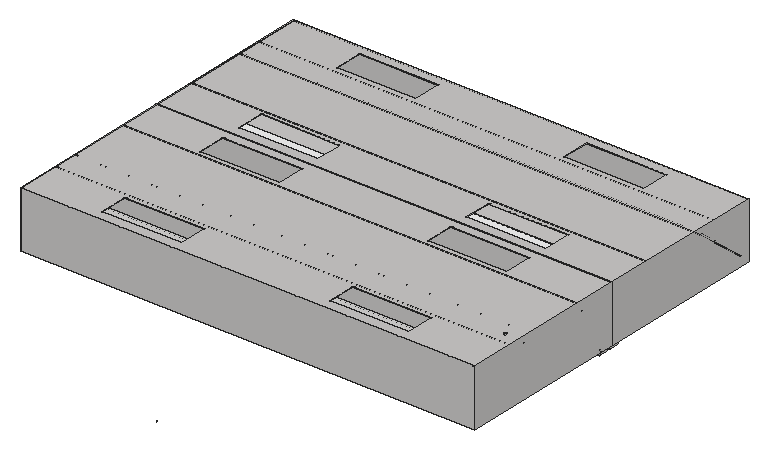
Revit family "QF_ELECTROLUXPROFESSIONAL_641398_STCF3040", category Specialty Equipment, Revit 2014
Reference planes
  plane 1 "Center (Front/Back)": y = 0
  plane 2: z = 0
  plane 3 "Center (Left/Right)": x = 600
  plane 4 "LEFT": x = -1400
  plane 5 "RIGHT": x = 2600
  plane 6 "BACK": y = 1500
  plane 7 "FRONT": y = -1500
  plane 8 "Base": z = 2000
  plane 9 "EIx": x = 2480
  plane 10 "Top": z = 2500
  plane 11 "BaseHood": z = 2000
  plane 12: y = -1020
Forms (mm)
  Extrusion 1, solid, material "QF_Finishes_Stainless Steel"
    sketch origin (0, -1020, 2500) x (0, 1, 0) y (-1, 0, 0)
      loop
        circle (0, -2480) r 10
    from 0 to 1.6
Dimensions and locks
  equal spacing: plane 6 "BACK", plane 1 "Center (Front/Back)", plane 7 "FRONT"
  plane 6 "BACK" to plane 7 "FRONT" = 3000.0 mm  (x2)
  locked: plane 9 "EIx" to plane 5 "RIGHT" at 120
  plane 11 "BaseHood" to level = 2000.0 mm
  plane 10 "Top" to plane 11 "BaseHood" = 500.0 mm
  equal spacing: plane 4 "LEFT", plane 3 "Center (Left/Right)", plane 5 "RIGHT"
  plane 4 "LEFT" to plane 5 "RIGHT" = 4000.0 mm
  plane 12 to plane 7 "FRONT" = 480.0 mm
  aligned and locked: level to plane 2
Automatic sketch dimensions
  plane 1 "Center (Front/Back)" to Extrusion 1 sketch curve = 1020.0 mm
  Extrusion 1 sketch curve to plane 9 "EIx" = 0.0 mm
  radius of Extrusion 1 sketch curve = 10.0 mm
Nested families
  nested 1: "QF_ELECTROLUXPROFESSIONAL_641264" at (450, -550, 0), type "QF_ELECTROLUXPROFESSIONAL_641264"
  nested 2: "QF_ELECTROLUXPROFESSIONAL_641264" at (450, 550, 0), type "QF_ELECTROLUXPROFESSIONAL_641264"
Connectors
  hvac at (-400, -1289, 2505)
    settings: on nested 1, index 1, duct flow 0.0 L/s, flow factor 0, pres drop 0.0 Pa, loss coef 0, conn angle 0.00°, conn width 250 mm, conn height 700 mm, conn diameter 609.6 mm, duct sys type 1, conn prof type 1, flow config 1, flow direction 1, loss method 0, conn ref index -1, conn util no, is conn primary yes, conn desc "AIR INLET"
  hvac at (-400, 1289, 2505)
    settings: on nested 2, index 4, duct flow 0.0 L/s, flow factor 0, pres drop 0.0 Pa, loss coef 0, conn angle 0.00°, conn width 700 mm, conn height 250 mm, conn diameter 609.6 mm, duct sys type 1, conn prof type 1, flow config 1, flow direction 1, loss method 0, conn ref index -1, conn util no, is conn primary no, conn desc "AIR INLET"
  hvac at (1600, 1289, 2505)
    settings: on nested 2, index 5, duct flow 0.0 L/s, flow factor 0, pres drop 0.0 Pa, loss coef 0, conn angle 0.00°, conn width 700 mm, conn height 250 mm, conn diameter 609.6 mm, duct sys type 1, conn prof type 1, flow config 1, flow direction 1, loss method 0, conn ref index -1, conn util no, is conn primary no, conn desc "AIR INLET"
  hvac at (1600, -1289, 2505)
    settings: on nested 1, index 8, duct flow 0.0 L/s, flow factor 0, pres drop 0.0 Pa, loss coef 0, conn angle 0.00°, conn width 250 mm, conn height 700 mm, conn diameter 609.6 mm, duct sys type 1, conn prof type 1, flow config 1, flow direction 1, loss method 0, conn ref index -1, conn util no, is conn primary no, conn desc "AIR INLET"
  piping at (2480, 60, 1970), diameter 9.5
    settings: on nested 2, index 9, connector inside diameter 609.6 mm, connector length 0.0 mm, flow factor 0, pipe flow 0.0 L/s, pressure drop 0.0 Pa, fitting loss kfactor 0, connector angle 0.00°, fixture units 0, engagement length 0.0 mm, angle of deflection 0.00°, flow configuration 1, flow direction 2, fitting loss method 0, system type 16, joint type 0, gender type 0, connector reference index -1, connector utility 0, adjustable connector no, is connector primary yes, connector description "Drain"
  piping at (2480, -60, 1970), diameter 9.5
    settings: on nested 1, index 10, connector inside diameter 609.6 mm, connector length 0.0 mm, flow factor 0, pipe flow 0.0 L/s, pressure drop 0.0 Pa, fitting loss kfactor 0, connector angle 0.00°, fixture units 0, engagement length 0.0 mm, angle of deflection 0.00°, flow configuration 1, flow direction 2, fitting loss method 0, system type 16, joint type 0, gender type 0, connector reference index -1, connector utility 0, adjustable connector no, is connector primary no, connector description "Drain"
  electrical at (2480, -1020, 2501.6)
    settings: on Extrusion 1, index 11, voltage 0 V, apparent load 0 VA, apparent load phase1 0 VA, apparent load phase2 0 VA, apparent load phase3 0 VA, power factor 1, load classification "Other", number of poles 1, system type 30, power factor state 1, is connector primary yes, connector utility no, sub classification motor no, connector description "Electrical Connection"
  hvac at (-400, 211, 2500)
    settings: on nested 2, index 12, duct flow 0.0 L/s, flow factor 0, pres drop 0.0 Pa, loss coef 0, conn angle 0.00°, conn width 250 mm, conn height 700 mm, conn diameter 609.6 mm, duct sys type 3, conn prof type 1, flow config 0, flow direction 2, loss method 0, conn ref index -1, conn util no, is conn primary no, conn desc "EXHAUST OUTLET"
  hvac at (-400, -211, 2500)
    settings: on nested 1, index 13, duct flow 0.0 L/s, flow factor 0, pres drop 0.0 Pa, loss coef 0, conn angle 0.00°, conn width 700 mm, conn height 250 mm, conn diameter 609.6 mm, duct sys type 3, conn prof type 1, flow config 0, flow direction 2, loss method 0, conn ref index -1, conn util no, is conn primary no, conn desc "EXHAUST OUTLET"
  hvac at (1600, 211, 2500)
    settings: on nested 2, index 14, duct flow 0.0 L/s, flow factor 0, pres drop 0.0 Pa, loss coef 0, conn angle 0.00°, conn width 250 mm, conn height 700 mm, conn diameter 609.6 mm, duct sys type 3, conn prof type 1, flow config 0, flow direction 2, loss method 0, conn ref index -1, conn util no, is conn primary no, conn desc "EXHAUST OUTLET"
  hvac at (1600, -211, 2500)
    settings: on nested 1, index 15, duct flow 0.0 L/s, flow factor 0, pres drop 0.0 Pa, loss coef 0, conn angle 0.00°, conn width 700 mm, conn height 250 mm, conn diameter 609.6 mm, duct sys type 3, conn prof type 1, flow config 1, flow direction 2, loss method 0, conn ref index -1, conn util no, is conn primary no, conn desc "EXHAUST OUTLET"
Definition of nested family "QF_ELECTROLUXPROFESSIONAL_641264"
  Reference planes
    plane 1: z = 0
    plane 2 "Center (Left/Right)": x = 150
    plane 3 "LEFT": x = -1850
    plane 4 "RIGHT": x = 2150
    plane 5 "BACK": y = 550
    plane 6 "TOP": z = 2500
    plane 7 "Base": z = 2000
    plane 8: z = 1955
    plane 9 "DrainY": y = 490
    plane 10: x = -1847
    plane 11 "DrainX": x = 2030
    plane 12 "AOLeft2": x = -500
    plane 13 "AORight1": x = 800
    plane 14: x = 2147
    plane 15: x = -1650
    plane 16: x = 1950
    plane 17 "Center (Front/Back)": y = -200
    plane 18 "Front": y = -950
    plane 19 "AOLeft1": x = -1200
    plane 20 "AORight2": x = 1500
    plane 21: y = -864
    plane 22: y = -614
    plane 23 "EI_y": y = -470
    plane 24 "EIx": x = 2030
    plane 25: y = 464
    plane 26: y = 214
  Forms (mm)
    Extrusion 1, solid, material "QF_Finishes_Stainless Steel"
      sketch origin (-1850, 0, 360) x (0, 1, 0) y (0, 0, 1)
        loop
          line (550, 1640) -> (550, 2140) -> (-950, 2140) -> (-950, 1640) -> (550, 1640)
      from 0 to 3
    Extrusion 2, solid, material "QF_Finishes_Stainless Steel"
      sketch origin (2150, 0, 360) x (0, 1, 0) y (0, 0, 1)
        loop
          line (550, 1640) -> (550, 2140) -> (-950, 2140) -> (-950, 1640) -> (550, 1640)
      from 0 to -3
    Extrusion 3, solid, material "QF_Finishes_Stainless Steel"
      sketch origin (150, 0, 360) x (0, 1, 0) y (0, 0, 1)
        loop
          line (-950, 2140) -> (-950, 1640) -> (-940, 1640) -> (-940, 1640.8) -> (-949.2, 1640.8) -> (-949.2, 2139.19) -> (549.2, 2139.19) -> (549.2, 1640.8) -> (540, 1640.8) -> (540, 1640) -> (550, 1640) -> (550, 2140) -> (-950, 2140)
      from -2000 to 2000
    Extrusion 4, solid, material "QF_Finishes_Stainless Steel"
      sketch origin (0, 0, 2000) x (0, 1, 0) y (-1, 0, 0)
        loop
          circle (490, -2030) r 4.763
      from -30 to 0
    Extrusion 5, void
      sketch origin (0, 0, 2500) x (0, 1, 0) y (-1, 0, 0)
        loop
          line (-614, 500) -> (-614, 1200) -> (-864, 1200) -> (-864, 500) -> (-614, 500)
      from 0 to -10
    Extrusion 6, solid, material "QF_Finishes_Stainless Steel"
      sketch origin (0, 0, 0) x (1, 0, 0) y (0, 1, 0)
        loop
          line (-1850, 550) -> (-1850, 549) -> (-1849, 549) -> (-1849, 550) -> (-1850, 550)
      from 0 to 1
    Extrusion 7, solid, material "QF_LAMPS"
      sketch origin (150, 0, 360) x (0, 1, 0) y (0, 0, 1)
        loop
          line (-572.823, 1962.324) -> (-418.948, 2086.929) -> (-427.129, 2097.032) -> (-581.003, 1972.426) -> (-572.823, 1962.324)
      from 1997 to -1997
    Sweep 8, solid, material "QF_Finishes_Stainless Steel"
      path origin (0, 0, 0) x (1, 0, 0) y (0, 1, 0)
        loop
          line (2150, 550) -> (-1850, 550) -> (-1850, -950) -> (2150, -950) -> (2150, 550)
      profile origin (2150, -200, 0) x (1, 0, 0) y (0, 0, 1)
        loop
          line (-3, 2000) -> (-3, 2000.8) -> (-19, 2000.8) -> (-19, 2010) -> (-20, 2010) -> (-20, 2000) -> (-3, 2000)
    Extrusion 9, solid, material "QF_Finishes_Stainless Steel"
      sketch origin (150, 0, 0) x (0, 1, 0) y (0, 0, 1)
        loop
          line (414.66, 2095.469) -> (440.643, 2110.471) -> (261.744, 2411.771) -> (235.948, 2396.455) -> (414.66, 2095.469)
      from -1997 to -1800
    Extrusion 10, void
      sketch origin (1134.605, 0, 2500) x (0, 1, 0) y (-1, 0, 0)
        loop
          line (-614, -365.395) -> (-614, 334.605) -> (-864, 334.605) -> (-864, -365.395) -> (-614, -365.395)
      from 0 to -10
    Extrusion 11, solid, material "QF_Finishes_Stainless Steel"
      sketch origin (2030, 0, 0) x (0, 1, 0) y (0, 0, 1)
        loop
          line (539, 2000) -> (441, 2000) -> (441, 1989) -> (448.5, 1989) -> (448.5, 1965)
          arc (448.5, 1965) -> (451.429, 1957.929) -> (458.5, 1955) r 10
          line (458.5, 1955) -> (521.5, 1955)
          arc (521.5, 1955) -> (528.571, 1957.929) -> (531.5, 1965) r 10
          line (531.5, 1965) -> (531.5, 1989) -> (539, 1989) -> (539, 2000)
      from 90 to -90
    Extrusion 12, solid, material "QF_Finishes_Stainless Steel"
      sketch origin (150, 0, 0) x (0, 1, 0) y (0, 0, 1)
        loop
          line (414.66, 2095.469) -> (440.643, 2110.471) -> (261.744, 2411.771) -> (235.948, 2396.455) -> (414.66, 2095.469)
      from 1800 to 1997
    Extrusion 13, solid, material "QF_Finished_Chrome"
      sketch origin (150, 0, 0) x (0, 1, 0) y (0, 0, 1)
        loop
          line (414.66, 2095.469) -> (440.643, 2110.471) -> (261.744, 2411.771) -> (235.948, 2396.455) -> (414.66, 2095.469)
      from -1800 to 1800
    Extrusion 14, void
      sketch origin (0, 1180, 2500) x (0, 1, 0) y (-1, 0, 0)
        loop
          line (-716, 500) -> (-716, 1200) -> (-966, 1200) -> (-966, 500) -> (-716, 500)
      from 0 to -10
    Extrusion 15, void
      sketch origin (1600, 1180, 2500) x (0, 1, 0) y (-1, 0, 0)
        loop
          line (-716, 100) -> (-716, 800) -> (-966, 800) -> (-966, 100) -> (-716, 100)
      from 0 to -10
    Extrusion 16, solid, material "QF_Finishes_Stainless Steel"
      sketch origin (150, 0, 360) x (0, 1, 0) y (0, 0, 1)
        loop
          line (430.005, 1640) -> (540, 1640) -> (540, 1640.8) -> (430.467, 1640.8) -> (371.906, 1742.23) -> (414.858, 1734.657) -> (442.266, 1750.481) -> (442.266, 1765.943) -> (441.466, 1765.943) -> (441.466, 1750.943) -> (414.709, 1735.495) -> (321.153, 1751.991) -> (320.875, 1750.416) -> (371.4, 1741.507) -> (430.005, 1640)
        loop
          line (172.529, 2139.19) -> (242.893, 2017.316) -> (245.133, 2018.715) -> (240.13, 2027.381) -> (238.569, 2026.405) -> (173.453, 2139.19) -> (172.529, 2139.19)
      from -1997 to 1997
    Extrusion 17, solid, material "QF_Finishes_Stainless Steel"
      sketch origin (150, 200.8, 360) x (0, 1, 0) y (0, 0, 1)
        loop
          line (-1150, 2139.19) -> (-1150, 1640) -> (-1086.602, 1640) -> (-999.146, 1690.493) -> (-1010.058, 1709.394) -> (-1066.564, 1676.77) -> (-1114.704, 1680.982) -> (-1149.2, 1730.248) -> (-1149.2, 2139.19) -> (-1150, 2139.19)
        loop
          line (-773.6, 1961.694) -> (-781.937, 1971.99) -> (-769.095, 1982.182) -> (-769.095, 2139.19) -> (-769.895, 2139.19) -> (-769.895, 1982.569) -> (-1082.298, 1734.63) -> (-1071.091, 1720.79) -> (-773.6, 1961.694)
        loop
          line (-627.61, 2099.216) -> (-618.171, 2087.559) -> (-554.411, 2139.19) -> (-555.682, 2139.19) -> (-618.052, 2088.684) -> (-626.989, 2099.719) -> (-627.61, 2099.216)
      from -1997 to 1997
  Cuts and joins
    Extrusion 5, Extrusion 10, Extrusion 14, Extrusion 15 cuts Extrusion 3
    joined: Extrusion 2, Extrusion 3, Sweep 8
  Lines and regions (mm)
    symbolic lines, style "SpecialityEquipment", detail levels coarse
      curve 1: line (2150, 550, 2500) -> (-1850, 550, 2500)
      curve 2: line (-1850, 550, 2500) -> (-1850, -950, 2500)
      curve 3: line (2150, -950, 2500) -> (2150, 550, 2500)
      curve 4: line (-1850, 550, 0) -> (2150, -950, 0)
      curve 5: line (2150, 550, 0) -> (-1850, -950, 0)
      curve 6: line (-1850, -950, 0) -> (2150, -950, 0)
    symbolic lines, detail levels coarse
      curve 7: line (-1200, 214, 2500) -> (-500, 214, 2500)
      curve 8: line (-1200, 464, 2500) -> (-1200, 214, 2500)
      curve 9: line (-500, 464, 2500) -> (-1200, 464, 2500)
      curve 10: line (-500, 214, 2500) -> (-500, 464, 2500)
      curve 11: line (800, 464, 2500) -> (800, 214, 2500)
      curve 12: line (1500, 464, 2500) -> (800, 464, 2500)
      curve 13: line (800, 214, 2500) -> (1500, 214, 2500)
      curve 14: line (1500, 214, 2500) -> (1500, 464, 2500)
    symbolic lines
      curve 15: line (-1200, -614, 0) -> (-500, -614, 0)
      curve 16: line (-1200, -864, 0) -> (-1200, -614, 0)
      curve 17: line (-500, -864, 0) -> (-1200, -864, 0)
      curve 18: line (-500, -614, 0) -> (-500, -864, 0)
      curve 19: line (800, -614, 0) -> (1500, -614, 0)
      curve 20: line (800, -864, 0) -> (800, -614, 0)
      curve 21: line (1500, -864, 0) -> (800, -864, 0)
      curve 22: line (1500, -614, 0) -> (1500, -864, 0)
  Dimensions and locks
    plane 3 "LEFT" to plane 4 "RIGHT" = 4000.0 mm
    equal spacing: plane 3 "LEFT", plane 2 "Center (Left/Right)", plane 4 "RIGHT"
    plane 7 "Base" to plane 8 = 45.0 mm
    plane 5 "BACK" to plane 9 "DrainY" = 60.0 mm  (x2)
    plane 3 "LEFT" to plane 10 = 3.0 mm
    plane 11 "DrainX" to plane 4 "RIGHT" = 120.0 mm
    plane 14 to plane 4 "RIGHT" = 3.0 mm
    plane 3 "LEFT" to plane 15 = 200.0 mm
    plane 16 to plane 4 "RIGHT" = 200.0 mm
    locked: plane 12 "AOLeft2" to plane 13 "AORight1" at 1300
    equal spacing: plane 12 "AOLeft2", plane 2 "Center (Left/Right)", plane 13 "AORight1"
    locked: plane 7 "Base" to level at 2000
    locked: plane 6 "TOP" to plane 7 "Base" at 500
    locked: plane 19 "AOLeft1" to plane 12 "AOLeft2" at 700
    locked: plane 13 "AORight1" to plane 20 "AORight2" at 700
    locked: plane 22 to plane 21 at 250
    locked: plane 21 to plane 18 "Front" at 86
    locked: plane 23 "EI_y" to plane 18 "Front" at 480
    locked: plane 24 "EIx" to plane 4 "RIGHT" at 120
    locked: plane 5 "BACK" to plane 18 "Front" at 1500
    plane 5 "BACK" to plane 18 "Front" = 1500.0 mm
    equal spacing: plane 5 "BACK", plane 17 "Center (Front/Back)", plane 18 "Front"
    locked: plane 26 to plane 25 at 250
    plane 5 "BACK" to plane 25 = 86.0 mm
    aligned and locked: level to plane 1
    aligned and locked: plane 4 "RIGHT" to Extrusion 3
    aligned and locked: Extrusion 3 to plane 3 "LEFT"
    aligned and locked: Extrusion 2 to plane 14
    aligned and locked: Extrusion 9 to plane 10
    aligned and locked: Extrusion 5 to plane 19 "AOLeft1"
    aligned and locked: Extrusion 5 to plane 12 "AOLeft2"
    aligned and locked: plane 20 "AORight2" to Extrusion 10
    aligned and locked: plane 13 "AORight1" to Extrusion 10
    aligned and locked: plane 15 to Extrusion 9
    aligned and locked: plane 16 to Extrusion 12
    aligned and locked: plane 14 to Extrusion 12
    aligned and locked: Extrusion 13 to plane 15
    aligned and locked: Extrusion 13 to plane 16
    aligned and locked: plane 14 to Extrusion 7
    aligned and locked: Extrusion 7 to plane 10
    aligned and locked: plane 13 "AORight1" to Extrusion 15
    aligned and locked: plane 20 "AORight2" to Extrusion 15
    aligned and locked: Extrusion 14 to plane 19 "AOLeft1"
    aligned and locked: Extrusion 14 to plane 12 "AOLeft2"
    aligned and locked: Extrusion 16 to plane 10
    aligned and locked: plane 14 to Extrusion 16
    aligned and locked: Extrusion 5 to plane 21
    aligned and locked: plane 22 to Extrusion 5
    aligned and locked: Extrusion 10 to plane 21
    aligned and locked: Extrusion 17 to plane 10
    aligned and locked: plane 14 to Extrusion 17
    aligned and locked: cut or joined group of Extrusion 2, Extrusion 3, Extrusion 5, Sweep 8, Extrusion 10, Extrusion 14, Extrusion 15 to plane 25  (x2)
    aligned and locked: curve 9 to plane 25
    aligned and locked: curve 12 to plane 25
    aligned and locked: plane 26 to cut or joined group of Extrusion 2, Extrusion 3, Extrusion 5, Sweep 8, Extrusion 10, Extrusion 14, Extrusion 15  (x2)
    aligned and locked: plane 26 to curve 13
    aligned and locked: plane 26 to curve 7
  Automatic sketch dimensions
    Extrusion 4 sketch curve to plane 9 "DrainY" = 0.0 mm
    Extrusion 4 sketch curve to plane 11 "DrainX" = 0.0 mm
    Extrusion 9 sketch curve to plane 9 "DrainY" = 75.34 mm
    Extrusion 9 sketch curve to Extrusion 9 sketch curve = 25.983 mm
    plane 7 "Base" to Extrusion 9 sketch curve = 95.469 mm
    Extrusion 9 sketch curve to Extrusion 9 sketch curve = 15.001 mm
    Extrusion 9 sketch curve to plane 6 "TOP" = 103.545 mm
    Extrusion 9 sketch curve to Extrusion 9 sketch curve = 15.316 mm
    Extrusion 12 sketch curve to plane 9 "DrainY" = 75.34 mm
    Extrusion 12 sketch curve to Extrusion 12 sketch curve = 25.983 mm
    plane 7 "Base" to Extrusion 12 sketch curve = 95.469 mm
    Extrusion 12 sketch curve to Extrusion 12 sketch curve = 15.001 mm
    Extrusion 12 sketch curve to plane 6 "TOP" = 103.545 mm
    Extrusion 12 sketch curve to Extrusion 12 sketch curve = 15.316 mm
    Extrusion 13 sketch curve to plane 9 "DrainY" = 75.34 mm
    Extrusion 13 sketch curve to Extrusion 13 sketch curve = 25.983 mm
    plane 7 "Base" to Extrusion 13 sketch curve = 95.469 mm
    Extrusion 13 sketch curve to Extrusion 13 sketch curve = 15.001 mm
    Extrusion 13 sketch curve to plane 6 "TOP" = 103.545 mm
    Extrusion 13 sketch curve to Extrusion 13 sketch curve = 15.316 mm
    Extrusion 16 sketch curve to plane 7 "Base" = 0.0 mm
    Extrusion 16 sketch curve to plane 6 "TOP" = 0.81 mm
    Extrusion 16 sketch curve to Extrusion 16 sketch curve = 0.924 mm
    Extrusion 16 sketch curve to Extrusion 16 sketch curve = 2.24 mm
    Extrusion 16 sketch curve to Extrusion 16 sketch curve = 0.278 mm
    Extrusion 16 sketch curve to Extrusion 16 sketch curve = 50.525 mm
    Extrusion 16 sketch curve to Extrusion 16 sketch curve = 0.506 mm
    Extrusion 16 sketch curve to Extrusion 16 sketch curve = 42.803 mm
    Extrusion 16 sketch curve to Extrusion 16 sketch curve = 0.148 mm
    Extrusion 16 sketch curve to plane 9 "DrainY" = 59.995 mm
    plane 7 "Base" to Extrusion 16 sketch curve = 0.8 mm
    Extrusion 16 sketch curve to Extrusion 16 sketch curve = 0.462 mm  (x2)
    Extrusion 16 sketch curve to Extrusion 16 sketch curve = 109.533 mm
    Extrusion 16 sketch curve to Extrusion 16 sketch curve = 26.757 mm
    Extrusion 16 sketch curve to Extrusion 16 sketch curve = 0.8 mm
    plane 7 "Base" to Extrusion 16 sketch curve = 94.657 mm
    Extrusion 16 sketch curve to Extrusion 16 sketch curve = 0.838 mm
    Extrusion 16 sketch curve to Extrusion 16 sketch curve = 6.012 mm
    Extrusion 16 sketch curve to Extrusion 16 sketch curve = 0.723 mm
    Extrusion 16 sketch curve to Extrusion 16 sketch curve = 14.986 mm
    Extrusion 16 sketch curve to Extrusion 16 sketch curve = 15.0 mm
    Extrusion 16 sketch curve to plane 6 "TOP" = 122.684 mm
    Extrusion 16 sketch curve to Extrusion 16 sketch curve = 1.399 mm
    Extrusion 16 sketch curve to Extrusion 16 sketch curve = 9.089 mm
    Extrusion 16 sketch curve to Extrusion 16 sketch curve = 0.975 mm
    Extrusion 9 sketch curve to plane 9 "DrainY" = 228.256 mm
    Extrusion 9 sketch curve to Extrusion 9 sketch curve = 25.795 mm
    Extrusion 12 sketch curve to plane 9 "DrainY" = 228.256 mm
    Extrusion 12 sketch curve to Extrusion 12 sketch curve = 25.795 mm
    Extrusion 13 sketch curve to plane 9 "DrainY" = 228.256 mm
    Extrusion 13 sketch curve to Extrusion 13 sketch curve = 25.795 mm
    Extrusion 16 sketch curve to plane 9 "DrainY" = 75.142 mm
    Extrusion 16 sketch curve to plane 9 "DrainY" = 244.867 mm
    Extrusion 16 sketch curve to Extrusion 16 sketch curve = 5.003 mm
    Extrusion 16 sketch curve to Extrusion 16 sketch curve = 1.561 mm
    Extrusion 16 sketch curve to Extrusion 16 sketch curve = 66.677 mm
    curve 6 to plane 3 "LEFT" = 0.0 mm
    curve 4 to plane 3 "LEFT" = 0.0 mm
    curve 16 to plane 19 "AOLeft1" = 0.0 mm
    curve 18 to plane 12 "AOLeft2" = 0.0 mm
    curve 20 to plane 13 "AORight1" = 0.0 mm
    curve 22 to plane 20 "AORight2" = 0.0 mm
    curve 6 to plane 4 "RIGHT" = 0.0 mm
    curve 5 to plane 4 "RIGHT" = 0.0 mm
    curve 4 to plane 18 "Front" = 0.0 mm
    curve 21 to plane 21 = 0.0 mm
    curve 17 to plane 21 = 0.0 mm
    curve 18 to plane 22 = 0.0 mm
    curve 19 to plane 22 = 0.0 mm
    curve 4 to plane 5 "BACK" = 0.0 mm
    curve 5 to plane 5 "BACK" = 0.0 mm
    curve 2 to plane 3 "LEFT" = 0.0 mm
    curve 2 to plane 18 "Front" = 0.0 mm
    curve 3 to plane 4 "RIGHT" = 0.0 mm
    curve 3 to plane 18 "Front" = 0.0 mm
    curve 13 to plane 20 "AORight2" = 0.0 mm
    curve 11 to plane 13 "AORight1" = 0.0 mm
    curve 7 to plane 19 "AOLeft1" = 0.0 mm
    curve 7 to plane 12 "AOLeft2" = 0.0 mm
    curve 2 to plane 5 "BACK" = 0.0 mm
    Extrusion 1 sketch curve to plane 7 "Base" = 0.0 mm
    Extrusion 1 sketch curve to plane 18 "Front" = 0.0 mm
    Extrusion 1 sketch curve to plane 5 "BACK" = 0.0 mm
    Extrusion 1 sketch curve to plane 6 "TOP" = 0.0 mm
    Extrusion 2 sketch curve to plane 7 "Base" = 0.0 mm
    Extrusion 2 sketch curve to plane 18 "Front" = 0.0 mm
    Extrusion 2 sketch curve to plane 5 "BACK" = 0.0 mm
    Extrusion 2 sketch curve to plane 6 "TOP" = 0.0 mm
    Extrusion 3 sketch curve to plane 6 "TOP" = 0.0 mm
    Extrusion 3 sketch curve to plane 18 "Front" = 0.0 mm
    Extrusion 3 sketch curve to plane 7 "Base" = 0.0 mm  (x2)
    Extrusion 3 sketch curve to plane 5 "BACK" = 0.0 mm
    plane 18 "Front" to Extrusion 3 sketch curve = 0.8 mm
    Extrusion 3 sketch curve to Extrusion 3 sketch curve = 9.2 mm
    plane 7 "Base" to Extrusion 3 sketch curve = 0.8 mm  (x2)
    Extrusion 3 sketch curve to plane 5 "BACK" = 10.0 mm
    Extrusion 3 sketch curve to plane 5 "BACK" = 0.8 mm
    Extrusion 3 sketch curve to plane 6 "TOP" = 0.81 mm
    Extrusion 5 sketch curve to plane 12 "AOLeft2" = 0.0 mm
    Extrusion 5 sketch curve to plane 21 = 0.0 mm
    Extrusion 5 sketch curve to plane 22 = 0.0 mm
    Extrusion 5 sketch curve to plane 19 "AOLeft1" = 0.0 mm
    Extrusion 6 sketch curve to plane 3 "LEFT" = 0.0 mm
    Extrusion 6 sketch curve to plane 5 "BACK" = 0.0 mm
    plane 3 "LEFT" to Extrusion 6 sketch curve = 1.0 mm
    Extrusion 6 sketch curve to Extrusion 6 sketch curve = 1.0 mm
    plane 22 to Extrusion 7 sketch curve = 32.997 mm
    Extrusion 7 sketch curve to Extrusion 7 sketch curve = 8.181 mm  (x2)
    plane 23 "EI_y" to Extrusion 7 sketch curve = 42.871 mm
    Extrusion 7 sketch curve to plane 6 "TOP" = 177.676 mm
    Extrusion 7 sketch curve to Extrusion 7 sketch curve = 10.102 mm
    Extrusion 7 sketch curve to plane 6 "TOP" = 53.071 mm
    Extrusion 7 sketch curve to Extrusion 7 sketch curve = 10.103 mm
    Sweep 8 sketch curve to plane 3 "LEFT" = 0.0 mm
    Sweep 8 sketch curve to plane 4 "RIGHT" = 0.0 mm
    Sweep 8 sketch curve to plane 18 "Front" = 0.0 mm
    Sweep 8 sketch curve to plane 5 "BACK" = 0.0 mm
    profile plane to Sweep 8 sketch curve = 20.0 mm
    Sweep 8 sketch curve to Sweep 8 sketch curve = 1.0 mm
    profile plane to Sweep 8 sketch curve = 3.0 mm
    level to Sweep 8 sketch curve = 2000.0 mm
    Sweep 8 sketch curve to Sweep 8 sketch curve = 0.8 mm
    Sweep 8 sketch curve to Sweep 8 sketch curve = 9.2 mm
    Extrusion 10 sketch curve to plane 20 "AORight2" = 0.0 mm
    Extrusion 10 sketch curve to plane 21 = 0.0 mm
    Extrusion 10 sketch curve to plane 22 = 0.0 mm
    Extrusion 10 sketch curve to plane 13 "AORight1" = 0.0 mm
    Extrusion 11 sketch curve to plane 7 "Base" = 0.0 mm
    Extrusion 11 sketch curve to plane 8 = 0.0 mm
    Extrusion 11 sketch curve to plane 7 "Base" = 11.0 mm  (x2)
    plane 25 to Extrusion 11 sketch curve = 23.0 mm
    Extrusion 11 sketch curve to Extrusion 11 sketch curve = 7.5 mm  (x2)
    plane 25 to Extrusion 11 sketch curve = 5.5 mm
    Extrusion 11 sketch curve to plane 5 "BACK" = 28.5 mm
    Extrusion 11 sketch curve to plane 5 "BACK" = 18.5 mm
    Extrusion 14 sketch curve to plane 12 "AOLeft2" = 0.0 mm
    Extrusion 14 sketch curve to plane 19 "AOLeft1" = 0.0 mm
    Extrusion 14 sketch curve to plane 9 "DrainY" = 26.0 mm
    Extrusion 14 sketch curve to plane 26 = 0.0 mm
    Extrusion 15 sketch curve to plane 20 "AORight2" = 0.0 mm
    Extrusion 15 sketch curve to plane 13 "AORight1" = 0.0 mm
    Extrusion 15 sketch curve to plane 9 "DrainY" = 26.0 mm
    Extrusion 15 sketch curve to plane 26 = 0.0 mm
    Extrusion 17 sketch curve to plane 7 "Base" = 0.0 mm
    plane 18 "Front" to Extrusion 17 sketch curve = 0.8 mm
    Extrusion 17 sketch curve to Extrusion 17 sketch curve = 0.8 mm  (x2)
    plane 18 "Front" to Extrusion 17 sketch curve = 36.096 mm
    Extrusion 17 sketch curve to plane 21 = 21.802 mm
    Extrusion 17 sketch curve to plane 21 = 17.498 mm
    Extrusion 17 sketch curve to plane 21 = 6.291 mm
    Extrusion 17 sketch curve to plane 21 = 1.764 mm
    plane 21 to Extrusion 17 sketch curve = 54.742 mm
    Extrusion 17 sketch curve to Extrusion 17 sketch curve = 10.912 mm
    plane 22 to Extrusion 17 sketch curve = 32.863 mm
    Extrusion 17 sketch curve to Extrusion 17 sketch curve = 8.337 mm
    Extrusion 17 sketch curve to Extrusion 17 sketch curve = 12.042 mm
    plane 23 "EI_y" to Extrusion 17 sketch curve = 43.19 mm
    Extrusion 17 sketch curve to Extrusion 17 sketch curve = 0.622 mm
    Extrusion 17 sketch curve to Extrusion 17 sketch curve = 9.44 mm
    Extrusion 17 sketch curve to Extrusion 17 sketch curve = 0.118 mm
    Extrusion 17 sketch curve to plane 6 "TOP" = 0.81 mm  (x3)
    Extrusion 17 sketch curve to Extrusion 17 sketch curve = 62.37 mm
    Extrusion 17 sketch curve to Extrusion 17 sketch curve = 1.271 mm
    plane 7 "Base" to Extrusion 17 sketch curve = 36.77 mm
    plane 7 "Base" to Extrusion 17 sketch curve = 40.982 mm
    plane 7 "Base" to Extrusion 17 sketch curve = 50.493 mm
    Extrusion 17 sketch curve to Extrusion 17 sketch curve = 18.901 mm
    Extrusion 17 sketch curve to Extrusion 17 sketch curve = 44.02 mm
    Extrusion 17 sketch curve to Extrusion 17 sketch curve = 49.266 mm
    Extrusion 17 sketch curve to Extrusion 17 sketch curve = 13.84 mm
    Extrusion 17 sketch curve to plane 6 "TOP" = 178.306 mm
    Extrusion 17 sketch curve to Extrusion 17 sketch curve = 10.296 mm
    Extrusion 17 sketch curve to Extrusion 17 sketch curve = 10.192 mm
    Extrusion 17 sketch curve to Extrusion 17 sketch curve = 0.386 mm
    Extrusion 17 sketch curve to plane 6 "TOP" = 52.441 mm
    Extrusion 17 sketch curve to Extrusion 17 sketch curve = 1.125 mm
    radius of Extrusion 4 sketch curve = 4.763 mm
